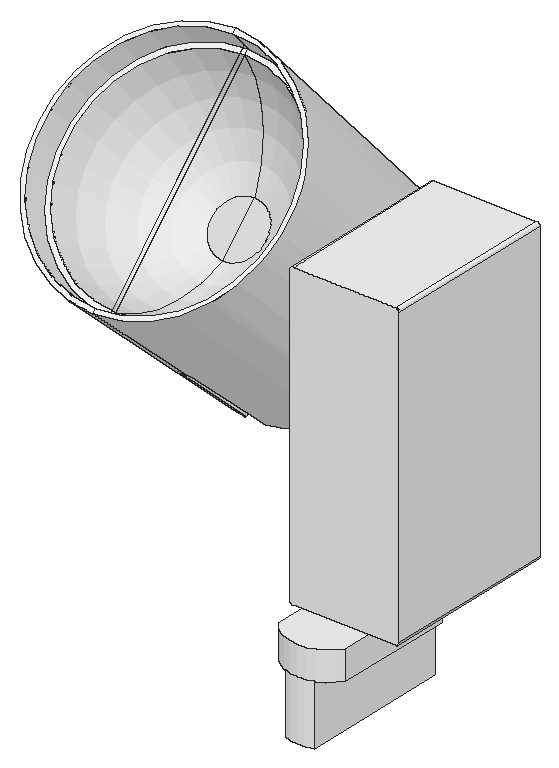
Revit family "0004880 Feilo Sylvania Lighting Fixture START TRACK SPOT L 55W 4K RA90 NB WHITE", category Lighting Fixtures, host Face, Revit 2017
Family settings
  Host = Face
  Round Connector Dimension = Use Diameter
  Part Type = Normal
  OmniClass Number = 23.80.70.00
  OmniClass Title = Lighting
  Cut with Voids When Loaded = No
  Light Source = No
  Shared = No
  Room Calculation Point = No
Parameters (values of type "0004880 START TRACK SPOT L 55W 4K RA90 NB WHITE")
  Weight = "1.398 kg"
  Wattage Comments = ""
  WarrantyStartDate [instance] = "n/a"
  WarrantyGuarantorParts = "n/a"
  WarrantyDurationUnit = "n/a"
  WarrantyDurationParts = "n/a"
  WarrantyDescription = "n/a"
  Voltage = 230 V
  URL = "http://www.sylvania-lighting.com"
  TypeName = "START TRACK SPOT L 55W 4K RA90 NB WHITE"
  TypeHead_FEILO = Start Track Spot Head : 0004880 START TRACK SPOT L 55W 4K RA90 NB WHITE
  TypeBox_FEILO = Start Track Spot Box : Type Large White
  Type Image = <None>
  Type Comments = "n/a"
  VerticalRotation_FEILO [instance] = 0.00°
  SlideEndAngle_FEILO [instance] = VerticalRotation_FEILO + 180.00°  # 180.00°
  SerialNumber [instance] = "n/a"
  Material_3_FEILO = none
  PowerFactor = 0.96
  PowerConsumption = "55 W"
  NominalLength = 0 mm
  NominalHeight = 240 mm
  NominalDepth = 164 mm
  Name = "START TRACK SPOT L 55W 4K RA90 NB WHITE"
  ModelReference = Name  # "START TRACK SPOT L 55W 4K RA90 NB WHITE"
  ModelNumber = "0004880"
  Model = Name  # "START TRACK SPOT L 55W 4K RA90 NB WHITE"
  Material = "adc12 aluminium housing, polycarbonate diffuser"
  ManufacturerName = "Feilo Sylvania"
  Manufacturer = "Feilo Sylvania"
  LuminousEfficacy = "90 lm/W"
  LuminaireType = ""
  LightOutputRatio = "100"
  LampsType = Lamp  # "LED"
  LampNominalLuminous = "4965 lm"
  LampMacAdamStep = "3"
  LampColourTemperature = "4000 K"
  LampColourRenderingIndex = "90"
  Lamp = "LED"
  Keynote = "16500"
  InstallationDate [instance] = "n/a"
  InputVoltage = "230-240V~"
  InputNominalFrequency = "50/60 Hz"
  IngressProtection = "IP20"
  ImpactProtectionIndex = "IK02"
  IfcExportType = "IfcLightFixtureType"
  IfcExportAs = "IfcLightFixtureType"
  HorizontalRotation_FEILO [instance] = 45.00°
  ExpectedLife = 50000
  ElectricShockClassification = "Class II"
  DurationUnit = "hours"
  DocumentationLiterature = "http://www.sylvania-lighting.com/product/en-int/products/0004880"
  DimmingControlOptions = "Non dimmable"
  Material_2_FEILO = none
  Description = "Integrated LED spotlight, Textured White - RAL9016, compact and minimalist design, ideal for retail applications, die-cast aluminium body, passive cooling heatsink. Beam angle: 15°, color temperature: 4000K , total system power: 55W, total fixture output: 4965 lm, LOR: 100%, colour rendering: Ra: 90 typical, LED Chromaticity: 3 step MacAdam ellipse, lifetime: >50000 hours at L70B50, energy class: A++, A+, A, IR/UV free light source without heat radiation, operating voltage: 220-240V / 50-60Hz, drive current: 1400mA, electronic driver, non-dimmable, power factor: 0.96, electrical protection: Class II, Global Track 3 Phase adapter suitable for Global trac 3-circuit tracks, ingress protection rating: IP20, suitable for internal environment only, horizontal rotation: 355°, vertical tilt: 90°, dimensions: Ø113x164x240, weight: 1.398kg."
  Default Elevation = 1219.2 mm
  CreatedOn = "12/12/2017"
  CreatedBy = ""
  Cost = 0
  built-in parameter 1114216 [instance] = (empty or 0)
  ClassificationValue = "EF_70_80"
  ClassificationName = "Uniclass2015"
  Material_1_FEILO = Body-Sylvania-StartTrackSpot-White
  BarCode [instance] = "n/a"
  AssetType = "Fixed"
  AssetIdentifier [instance] = "n/a"
  Assembly Code = "D5020200"
  Apparent Load = 55 VA
  Material_4_FEILO = none
Reference planes
  plane 1 "Center (Front/Back)": y = 0
  plane 2: z = 0
  plane 3 "Center (Left/Right)": x = 0
  plane 4: x = 15
  plane 5: x = -15
  plane 6: y = 35
  plane 7: y = -35
  plane 8: z = 13
  plane 9: z = -27
  plane 10: x = 6.5
  plane 11: x = -6.5
  plane 12: y = 27
  plane 13: y = -27
  plane 14: y = 20
Forms (mm)
  Extrusion 1, solid, material "Body-Sylvania-StartTrackSpot-White" <- "Material_1_FEILO"
    sketch origin (0, 0, 0) x (1, 0, 0) y (0, 1, 0)
      loop
        line (-15, 27) -> (-15, -27)
        arc (-15, -27) -> (0, -35) -> (15, -27) r 18.062
        line (15, -27) -> (15, 27)
        arc (15, 27) -> (0, 35) -> (-15, 27) r 18.062
    from 0 to 13
  Extrusion 2, solid, material "Body-Sylvania-StartTrackSpot-White" <- "Material_1_FEILO"
    sketch origin (0, 0, 0) x (1, 0, 0) y (0, 1, 0)
      loop
        arc (6.5, 33.79) -> (0, 35) -> (-6.5, 33.79) r 18.062
        line (-6.5, 33.79) -> (-6.5, -33.79)
        arc (-6.5, -33.79) -> (0, -35) -> (6.5, -33.79) r 18.062
        line (6.5, -33.79) -> (6.5, 33.79)
    from 0 to -27
  Revolve 3, solid, not visible
    sketch origin (1524, 20, 1219.2) x (1, 0, 0) y (0, 0, 1)
      loop
        line (-1524, -1206.2) -> (-1524, -1191.285) -> (-1530.5, -1191.285) -> (-1530.5, -1206.2) -> (-1524, -1206.2)
      axis (-1524, -1191.285) -> (-1524, -1206.2)
    angle from 0 <- "VerticalRotation_FEILO" to 180 <- "SlideEndAngle_FEILO"
Cuts and joins
  joined: Extrusion 1, Extrusion 2
Dimensions and locks
  equal spacing: plane 10, plane 3 "Center (Left/Right)", plane 11
  equal spacing: plane 4, plane 3 "Center (Left/Right)", plane 5
  locked: plane 8 to plane 2 at 13
  locked: plane 8 to plane 9 at 40
  equal spacing: plane 13, plane 1 "Center (Front/Back)", plane 12
  locked: plane 12 to plane 6 at 8
  locked: plane 14 to plane 6 at 15
  locked: Revolve 3 sketch curve to plane 8 at 14.915
  aligned and locked: plane 2 to host face
  aligned and locked: level to host face
  aligned and locked: plane 5 to Extrusion 1 sketch curve  (x2)
  aligned and locked: plane 12 to Extrusion 1 sketch curve
  aligned and locked: plane 13 to Extrusion 1 sketch curve
  aligned and locked: plane 4 to Extrusion 1 sketch curve
  aligned and locked: Extrusion 1 to plane 8
  aligned and locked: Extrusion 1 to level
  aligned and locked: Extrusion 2 sketch curve to Extrusion 1  (x2)
  aligned and locked: Extrusion 2 sketch curve to plane 11
  aligned and locked: plane 10 to Extrusion 2 sketch curve
  aligned and locked: plane 9 to Extrusion 2
  aligned and locked: level to Extrusion 2
  aligned and locked: Revolve 3 sketch curve to plane 3 "Center (Left/Right)"  (x2)
  aligned and locked: plane 11 to Revolve 3 sketch curve
  aligned and locked: Revolve 3 sketch curve to plane 8
Automatic sketch dimensions
  host sketch curve to host sketch curve = 2438.4 mm  (x2)
  Extrusion 1 sketch curve to plane 3 "Center (Left/Right)" = 0 mm  (x2)
  Extrusion 1 sketch curve to plane 13 = 10.062 mm
  plane 12 to Extrusion 1 sketch curve = 10.062 mm
  Revolve 3 sketch curve to plane 3 "Center (Left/Right)" = 0 mm
  plane 9 to Revolve 3 sketch curve = 582.6 mm
  Revolve 3 sketch curve to Revolve 3 sketch curve = 2581.144 mm
Nested families
  nested 1: "Start Track Spot Head" at (-75.5, 20, 133) x (0, 0.7071, 0.7071) z (0, 0.7071, -0.7071), type <- "TypeHead_FEILO", type "0004880 START TRACK SPOT L 55W 4K RA90 NB WHITE"
    with built-in parameter 1114216 (empty or 0)
  nested 2: "Start Track Spot Box" at (8.5, 20, 85) x (-1, 0, 0) z (0, -1, 0), BoxStartAngle_FEILO <- "HorizontalRotation_FEILO", type <- "TypeBox_FEILO", type "Type Large White"
    with BoxStartAngle_FEILO 45.00°, BoxEndAngle_FEILO -135.00°
Connectors
  electrical at (0, 0, 0), driven by "Apparent Load", driven by "PowerFactor", driven by "Voltage"
    settings: index 1, voltage 230 V, apparent load 55 VA, apparent load phase1 0 VA, apparent load phase2 0 VA, apparent load phase3 0 VA, power factor 0.96, load classification "Lighting", number of poles 1, system type 30, power factor state 1, is connector primary yes, connector utility no, sub classification motor no, connector description ""
Definition of nested family "Start Track Spot Head"
  Parameters (values of type "0004811 START TRACK SPOT S 14W 3K RA80 NB WHITE")
    Wattage Comments = "n/a"
    Wattage = 14 W
    built-in parameter 1150110 = 1 (stored number, unit not read)
    URL = "http://www.feilosylvania.com"
    Type Image = (empty or 0)
    Type Comments = "n/a"
    built-in parameter 1114217 = 1 (stored number, unit not read)
    Tilt Angle = -90.00°
    built-in parameter 1150109 = 1 (stored number, unit not read)
    built-in parameter 1150134 = (empty or 0)
    built-in parameter 1150113 = 1 (stored number, unit not read)
    Photometric Web File = "0004811.ies"
    Material_3_FEILO = none
    Model = "START TRACK SPOT S 14W 3K RA80 NB WHITE"
    Manufacturer = "Feilo Sylvania"
    built-in parameter 1150105 = 123.66 (stored number, unit not read)
    Lumens = 1554 lm
    built-in parameter 1150115 = 1 (stored number, unit not read)
    built-in parameter 1150137 = (empty or 0)
    built-in parameter 1150139 = (empty or 0)
    built-in parameter 1150112 = 1 (stored number, unit not read)
    built-in parameter 1150114 = 1 (stored number, unit not read)
    Lamp = "LED"
    Keynote = "16500"
    Material_2_FEILO = none
    built-in parameter 1150132 = (empty or 0)
    built-in parameter 1150102 = (empty or 0)
    built-in parameter 1150107 = 3000 (stored number, unit not read)
    built-in parameter 1150138 = (empty or 0)
    built-in parameter 1150106 = 1.2366 (stored number, unit not read)
    HeadThickness_FEILO = if(HeadDiaOut_FEILO > 112 mm, 2 mm, 1.5 mm)  # 1.5 mm
    HeadRibOffset_FEILO = HeadHeight_FEILO / 28  # 4.179 mm
    HeadRibDepth_FEILO = HeadHeight_FEILO / 2.1  # 55.714 mm
    HeadRibCutWidth_FEILO = HeadDiaOut_FEILO / 12  # 7.167 mm
    HeadRibCutOffset_FEILO = HeadHeight_FEILO / 2.3  # 50.87 mm
    HeadReflectorRadius_FEILO = HeadDiaOut_FEILO / 1.7  # 50.588 mm
    HeadReflectorOffset_FEILO = HeadHeight_FEILO / 2.1  # 55.714 mm
    HeadLEDRadius_FEILO = HeadDiaOut_FEILO / 9  # 9.556 mm
    HeadHeight_FEILO = 117 mm
    HeadDraft_FEILO = 1 mm
    HeadDiffusorThickness_FEILO = 3 mm
    HeadDiffusorOffset_FEILO = HeadHeight_FEILO / 12.4  # 9.435 mm
    HeadDiaOut_FEILO = 86 mm
    HeadDiaIn_FEILO = HeadDiaOut_FEILO / 1.11  # 77.477 mm
    HeadAxisFromTop_FEILO = HeadHeight_FEILO / 1.687  # 69.354 mm
    Emit from Circle Diameter = HeadDiaIn_FEILO  # 77.477 mm
    Emit Shape Visible in Rendering = no
    built-in parameter 1150104 = 10.312 (stored number, unit not read)
    Dimming Lamp Color Temperature Shift = (empty or 0)
    Description = "Integrated LED spotlight, Textured White - RAL9016, compact and minimalist design, ideal for retail applications, die-cast aluminium body, passive cooling heatsink. Beam angle: 12°, color temperature: 3000K , total system power: 14W, total fixture output: 1551 lm, LOR: 100%, colour rendering: Ra: 80 typical, LED Chromaticity: 3 step MacAdam ellipse, lifetime: >50000 hours at L70B50, energy class: A++, A+, A, IR/UV free light source without heat radiation, operating voltage: 220-240V / 50-60Hz, drive current: 350mA, electronic driver, non-dimmable, power factor: 0.92, electrical protection: Class II, Global Track 3 Phase adapter suitable for Global trac 3-circuit tracks, ingress protection rating: IP20, suitable for internal environment only, horizontal rotation: 355°, vertical tilt: 90°, dimensions: Ø86x140x200, weight: 0.940kg."
    Default Elevation = 1219.2 mm
    Cost = 0
    Color Filter = 16777215
    built-in parameter 1114216 [instance] = (empty or 0)
    Material_1_FEILO = none
    built-in parameter 1114218 = 1 (stored number, unit not read)
    built-in parameter 1150133 = 10 (stored number, unit not read)
    Assembly Code = "D5020200"
    Apparent Load = 14 VA
    Material_4_FEILO = none
  Types (96, lengths in mm): name | Wattage | built-in parameter 1150134 | Photometric Web File | Model | built-in parameter 1150105 | Lumens | built-in parameter 1150107 | built-in parameter 1150106 | HeadThickness_FEILO | HeadRibOffset_FEILO | HeadRibDepth_FEILO | HeadRibCutWidth_FEILO | HeadRibCutOffset_FEILO | HeadReflectorRadius_FEILO | HeadReflectorOffset_FEILO | HeadLEDRadius_FEILO | HeadHeight_FEILO | HeadDiffusorOffset_FEILO | HeadDiaOut_FEILO | HeadDiaIn_FEILO | HeadAxisFromTop_FEILO | Emit from Circle Diameter | built-in parameter 1150104 | Description | Apparent Load
    0004906 START TRACK SPOT L 55W 4K RA90 WB BLACK | 55 W | 12 | "0004906.ies" | "START TRACK SPOT L 55W 4K RA90 WB BLACK" | 385.15 (stored number, unit not read) | 4840 lm | 4000 (stored number, unit not read) | 3.8515 (stored number, unit not read) | 2 | 4.429 | 59.048 | 9.417 | 53.913 | 66.471 | 59.048 | 12.556 | 124 | 10 | 113 | 101.802 | 73.503 | 101.802 | 8.1755 (stored number, unit not read) | "Integrated LED spotlight, Textured Black - RAL9005, compact and minimalist design, ideal for retail applications, die-cast aluminium body, passive cooling heatsink. Beam angle: 52°, color temperature: 4000K , total system power: 55W, total fixture output: 4824 lm, LOR: 100%, colour rendering: Ra: 90 typical, LED Chromaticity: 3 step MacAdam ellipse, lifetime: >50000 hours at L70B50, energy class: A++, A+, A, IR/UV free light source without heat radiation, operating voltage: 220-240V / 50-60Hz, drive current: 1400mA, electronic driver, non-dimmable, power factor: 0.96, electrical protection: Class II, Global Track 3 Phase adapter suitable for Global trac 3-circuit tracks, ingress protection rating: IP20, suitable for internal environment only, horizontal rotation: 355°, vertical tilt: 90°, dimensions: Ø113x164x240, weight: 1.398kg." | 55 VA
    0004905 START TRACK SPOT L 55W 4K RA90 MB BLACK | 55 W | 12 | "0004905.ies" | "START TRACK SPOT L 55W 4K RA90 MB BLACK" | 389.53 (stored number, unit not read) | 4895 lm | 4000 (stored number, unit not read) | 3.8953 (stored number, unit not read) | 2 | 4.429 | 59.048 | 9.417 | 53.913 | 66.471 | 59.048 | 12.556 | 124 | 10 | 113 | 101.802 | 73.503 | 101.802 | 8.2684 (stored number, unit not read) | "Integrated LED spotlight, Textured Black - RAL9005, compact and minimalist design, ideal for retail applications, die-cast aluminium body, passive cooling heatsink. Beam angle: 38°, color temperature: 4000K , total system power: 55W, total fixture output: 4897 lm, LOR: 100%, colour rendering: Ra: 90 typical, LED Chromaticity: 3 step MacAdam ellipse, lifetime: >50000 hours at L70B50, energy class: A++, A+, A, IR/UV free light source without heat radiation, operating voltage: 220-240V / 50-60Hz, drive current: 1400mA, electronic driver, non-dimmable, power factor: 0.96, electrical protection: Class II, Global Track 3 Phase adapter suitable for Global trac 3-circuit tracks, ingress protection rating: IP20, suitable for internal environment only, horizontal rotation: 355°, vertical tilt: 90°, dimensions: Ø113x164x240, weight: 1.398kg." | 55 VA
    0004904 START TRACK SPOT L 55W 4K RA90 NB BLACK | 55 W | 12 | "0004904.ies" | "START TRACK SPOT L 55W 4K RA90 NB BLACK" | 393.91 (stored number, unit not read) | 4950 lm | 4000 (stored number, unit not read) | 3.9391 (stored number, unit not read) | 2 | 4.429 | 59.048 | 9.417 | 53.913 | 66.471 | 59.048 | 12.556 | 124 | 10 | 113 | 101.802 | 73.503 | 101.802 | 8.3613 (stored number, unit not read) | "Integrated LED spotlight, Textured Black - RAL9005, compact and minimalist design, ideal for retail applications, die-cast aluminium body, passive cooling heatsink. Beam angle: 15°, color temperature: 4000K , total system power: 55W, total fixture output: 4965 lm, LOR: 100%, colour rendering: Ra: 90 typical, LED Chromaticity: 3 step MacAdam ellipse, lifetime: >50000 hours at L70B50, energy class: A++, A+, A, IR/UV free light source without heat radiation, operating voltage: 220-240V / 50-60Hz, drive current: 1400mA, electronic driver, non-dimmable, power factor: 0.96, electrical protection: Class II, Global Track 3 Phase adapter suitable for Global trac 3-circuit tracks, ingress protection rating: IP20, suitable for internal environment only, horizontal rotation: 355°, vertical tilt: 90°, dimensions: Ø113x164x240, weight: 1.398kg." | 55 VA
    0004903 START TRACK SPOT L 35W 4K RA90 WB BLACK | 35 W | 12 | "0004903.ies" | "START TRACK SPOT L 35W 4K RA90 WB BLACK" | 284.09 (stored number, unit not read) | 3570 lm | 4000 (stored number, unit not read) | 2.8409 (stored number, unit not read) | 2 | 4.429 | 59.048 | 9.417 | 53.913 | 66.471 | 59.048 | 12.556 | 124 | 10 | 113 | 101.802 | 73.503 | 101.802 | 9.4761 (stored number, unit not read) | "Integrated LED spotlight, Textured Black - RAL9005, compact and minimalist design, ideal for retail applications, die-cast aluminium body, passive cooling heatsink. Beam angle: 52°, color temperature: 4000K , total system power: 35W, total fixture output: 3562 lm, LOR: 100%, colour rendering: Ra: 90 typical, LED Chromaticity: 3 step MacAdam ellipse, lifetime: >50000 hours at L70B50, energy class: A++, A+, A, IR/UV free light source without heat radiation, operating voltage: 220-240V / 50-60Hz, drive current: 900mA, electronic driver, non-dimmable, power factor: 0.93, electrical protection: Class II, Global Track 3 Phase adapter suitable for Global trac 3-circuit tracks, ingress protection rating: IP20, suitable for internal environment only, horizontal rotation: 355°, vertical tilt: 90°, dimensions: Ø113x164x240, weight: 1.368kg." | 35 VA
    0004902 START TRACK SPOT L 35W 4K RA90 MB BLACK | 35 W | 12 | "0004902.ies" | "START TRACK SPOT L 35W 4K RA90 MB BLACK" | 286.88 (stored number, unit not read) | 3605 lm | 4000 (stored number, unit not read) | 2.8688 (stored number, unit not read) | 2 | 4.429 | 59.048 | 9.417 | 53.913 | 66.471 | 59.048 | 12.556 | 124 | 10 | 113 | 101.802 | 73.503 | 101.802 | 9.569 (stored number, unit not read) | "Integrated LED spotlight, Textured Black - RAL9005, compact and minimalist design, ideal for retail applications, die-cast aluminium body, passive cooling heatsink. Beam angle: 38°, color temperature: 4000K , total system power: 35W, total fixture output: 3616 lm, LOR: 100%, colour rendering: Ra: 90 typical, LED Chromaticity: 3 step MacAdam ellipse, lifetime: >50000 hours at L70B50, energy class: A++, A+, A, IR/UV free light source without heat radiation, operating voltage: 220-240V / 50-60Hz, drive current: 900mA, electronic driver, non-dimmable, power factor: 0.93, electrical protection: Class II, Global Track 3 Phase adapter suitable for Global trac 3-circuit tracks, ingress protection rating: IP20, suitable for internal environment only, horizontal rotation: 355°, vertical tilt: 90°, dimensions: Ø113x164x240, weight: 1.368kg." | 35 VA
    0004901 START TRACK SPOT L 35W 4K RA90 NB BLACK | 35 W | 12 | "0004901.ies" | "START TRACK SPOT L 35W 4K RA90 NB BLACK" | 286.88 (stored number, unit not read) | 3605 lm | 4000 (stored number, unit not read) | 2.8688 (stored number, unit not read) | 2 | 4.429 | 59.048 | 9.417 | 53.913 | 66.471 | 59.048 | 12.556 | 124 | 10 | 113 | 101.802 | 73.503 | 101.802 | 9.569 (stored number, unit not read) | "Integrated LED spotlight, Textured Black - RAL9005, compact and minimalist design, ideal for retail applications, die-cast aluminium body, passive cooling heatsink. Beam angle: 15°, color temperature: 4000K , total system power: 35W, total fixture output: 3593 lm, LOR: 100%, colour rendering: Ra: 90 typical, LED Chromaticity: 3 step MacAdam ellipse, lifetime: >50000 hours at L70B50, energy class: A++, A+, A, IR/UV free light source without heat radiation, operating voltage: 220-240V / 50-60Hz, drive current: 900mA, electronic driver, non-dimmable, power factor: 0.93, electrical protection: Class II, Global Track 3 Phase adapter suitable for Global trac 3-circuit tracks, ingress protection rating: IP20, suitable for internal environment only, horizontal rotation: 355°, vertical tilt: 90°, dimensions: Ø113x164x240, weight: 1.368kg." | 35 VA
    0004900 START TRACK SPOT S 24W 4K RA90 WB BLACK | 24 W | 12 | "0004900.ies" | "START TRACK SPOT S 24W 4K RA90 WB BLACK" | 166.16 (stored number, unit not read) | 2088 lm | 4000 (stored number, unit not read) | 1.6616 (stored number, unit not read) | 1.5 | 4.179 | 55.714 | 7.167 | 50.87 | 50.588 | 55.714 | 9.556 | 117 | 9.435 | 86 | 77.477 | 69.354 | 77.477 | 8.0826 (stored number, unit not read) | "Integrated LED spotlight, Textured Black - RAL9005, compact and minimalist design, ideal for retail applications, die-cast aluminium body, passive cooling heatsink. Beam angle: 64°, color temperature: 4000K , total system power: 24W, total fixture output: 2087 lm, LOR: 100%, colour rendering: Ra: 90 typical, LED Chromaticity: 3 step MacAdam ellipse, lifetime: >50000 hours at L70B50, energy class: A++, A+, A, IR/UV free light source without heat radiation, operating voltage: 220-240V / 50-60Hz, drive current: 600mA, electronic driver, non-dimmable, power factor: 0.95, electrical protection: Class II, Global Track 3 Phase adapter suitable for Global trac 3-circuit tracks, ingress protection rating: IP20, suitable for internal environment only, horizontal rotation: 355°, vertical tilt: 90°, dimensions: Ø86x140x200, weight: 0.966kg." | 24 VA
    0004899 START TRACK SPOT S 24W 4K RA90 MB BLACK | 24 W | 12 | "0004899.ies" | "START TRACK SPOT S 24W 4K RA90 MB BLACK" | 169.98 (stored number, unit not read) | 2136 lm | 4000 (stored number, unit not read) | 1.6998 (stored number, unit not read) | 1.5 | 4.179 | 55.714 | 7.167 | 50.87 | 50.588 | 55.714 | 9.556 | 117 | 9.435 | 86 | 77.477 | 69.354 | 77.477 | 8.2684 (stored number, unit not read) | "Integrated LED spotlight, Textured Black - RAL9005, compact and minimalist design, ideal for retail applications, die-cast aluminium body, passive cooling heatsink. Beam angle: 36°, color temperature: 4000K , total system power: 24W, total fixture output: 2141 lm, LOR: 100%, colour rendering: Ra: 90 typical, LED Chromaticity: 3 step MacAdam ellipse, lifetime: >50000 hours at L70B50, energy class: A++, A+, A, IR/UV free light source without heat radiation, operating voltage: 220-240V / 50-60Hz, drive current: 600mA, electronic driver, non-dimmable, power factor: 0.95, electrical protection: Class II, Global Track 3 Phase adapter suitable for Global trac 3-circuit tracks, ingress protection rating: IP20, suitable for internal environment only, horizontal rotation: 355°, vertical tilt: 90°, dimensions: Ø86x140x200, weight: 0.966kg." | 24 VA
    0004898 START TRACK SPOT S 24W 4K RA90 NB BLACK | 24 W | 12 | "0004898.ies" | "START TRACK SPOT S 24W 4K RA90 NB BLACK" | 171.89 (stored number, unit not read) | 2160 lm | 4000 (stored number, unit not read) | 1.7189 (stored number, unit not read) | 1.5 | 4.179 | 55.714 | 7.167 | 50.87 | 50.588 | 55.714 | 9.556 | 117 | 9.435 | 86 | 77.477 | 69.354 | 77.477 | 8.3613 (stored number, unit not read) | "Integrated LED spotlight, Textured Black - RAL9005, compact and minimalist design, ideal for retail applications, die-cast aluminium body, passive cooling heatsink. Beam angle: 12°, color temperature: 4000K , total system power: 24W, total fixture output: 2155 lm, LOR: 100%, colour rendering: Ra: 90 typical, LED Chromaticity: 3 step MacAdam ellipse, lifetime: >50000 hours at L70B50, energy class: A++, A+, A, IR/UV free light source without heat radiation, operating voltage: 220-240V / 50-60Hz, drive current: 600mA, electronic driver, non-dimmable, power factor: 0.95, electrical protection: Class II, Global Track 3 Phase adapter suitable for Global trac 3-circuit tracks, ingress protection rating: IP20, suitable for internal environment only, horizontal rotation: 355°, vertical tilt: 90°, dimensions: Ø86x140x200, weight: 0.966kg." | 24 VA
    0004897 START TRACK SPOT S 14W 4K RA90 WB BLACK | 14 W | 12 | "0004897.ies" | "START TRACK SPOT S 14W 4K RA90 WB BLACK" | 108.07 (stored number, unit not read) | 1358 lm | 4000 (stored number, unit not read) | 1.0807 (stored number, unit not read) | 1.5 | 4.179 | 55.714 | 7.167 | 50.87 | 50.588 | 55.714 | 9.556 | 117 | 9.435 | 86 | 77.477 | 69.354 | 77.477 | 9.0116 (stored number, unit not read) | "Integrated LED spotlight, Textured Black - RAL9005, compact and minimalist design, ideal for retail applications, die-cast aluminium body, passive cooling heatsink. Beam angle: 64°, color temperature: 4000K , total system power: 14W, total fixture output: 1352 lm, LOR: 100%, colour rendering: Ra: 90 typical, LED Chromaticity: 3 step MacAdam ellipse, lifetime: >50000 hours at L70B50, energy class: A++, A+, A, IR/UV free light source without heat radiation, operating voltage: 220-240V / 50-60Hz, drive current: 350mA, electronic driver, non-dimmable, power factor: 0.92, electrical protection: Class II, Global Track 3 Phase adapter suitable for Global trac 3-circuit tracks, ingress protection rating: IP20, suitable for internal environment only, horizontal rotation: 355°, vertical tilt: 90°, dimensions: Ø86x140x200, weight: 0.940kg." | 14 VA
    0004896 START TRACK SPOT S 14W 4K RA90 MB BLACK | 14 W | 12 | "0004896.ies" | "START TRACK SPOT S 14W 4K RA90 MB BLACK" | 108.07 (stored number, unit not read) | 1358 lm | 4000 (stored number, unit not read) | 1.0807 (stored number, unit not read) | 1.5 | 4.179 | 55.714 | 7.167 | 50.87 | 50.588 | 55.714 | 9.556 | 117 | 9.435 | 86 | 77.477 | 69.354 | 77.477 | 9.0116 (stored number, unit not read) | "Integrated LED spotlight, Textured Black - RAL9005, compact and minimalist design, ideal for retail applications, die-cast aluminium body, passive cooling heatsink. Beam angle: 36°, color temperature: 4000K , total system power: 14W, total fixture output: 1359 lm, LOR: 100%, colour rendering: Ra: 90 typical, LED Chromaticity: 3 step MacAdam ellipse, lifetime: >50000 hours at L70B50, energy class: A++, A+, A, IR/UV free light source without heat radiation, operating voltage: 220-240V / 50-60Hz, drive current: 350mA, electronic driver, non-dimmable, power factor: 0.92, electrical protection: Class II, Global Track 3 Phase adapter suitable for Global trac 3-circuit tracks, ingress protection rating: IP20, suitable for internal environment only, horizontal rotation: 355°, vertical tilt: 90°, dimensions: Ø86x140x200, weight: 0.940kg." | 14 VA
    0004895 START TRACK SPOT S 14W 4K RA90 NB BLACK | 14 W | 12 | "0004895.ies" | "START TRACK SPOT S 14W 4K RA90 NB BLACK" | 106.95 (stored number, unit not read) | 1344 lm | 4000 (stored number, unit not read) | 1.0695 (stored number, unit not read) | 1.5 | 4.179 | 55.714 | 7.167 | 50.87 | 50.588 | 55.714 | 9.556 | 117 | 9.435 | 86 | 77.477 | 69.354 | 77.477 | 8.9187 (stored number, unit not read) | "Integrated LED spotlight, Textured Black - RAL9005, compact and minimalist design, ideal for retail applications, die-cast aluminium body, passive cooling heatsink. Beam angle: 12°, color temperature: 4000K , total system power: 14W, total fixture output: 1349 lm, LOR: 100%, colour rendering: Ra: 90 typical, LED Chromaticity: 3 step MacAdam ellipse, lifetime: >50000 hours at L70B50, energy class: A++, A+, A, IR/UV free light source without heat radiation, operating voltage: 220-240V / 50-60Hz, drive current: 350mA, electronic driver, non-dimmable, power factor: 0.92, electrical protection: Class II, Global Track 3 Phase adapter suitable for Global trac 3-circuit tracks, ingress protection rating: IP20, suitable for internal environment only, horizontal rotation: 355°, vertical tilt: 90°, dimensions: Ø86x140x200, weight: 0.940kg." | 14 VA
    0004894 START TRACK SPOT L 55W 3K RA90 WB BLACK | 55 W | (empty or 0) | "0004894.ies" | "START TRACK SPOT L 55W 3K RA90 WB BLACK" | 350.14 (stored number, unit not read) | 4400 lm | 3000 (stored number, unit not read) | 3.5014 (stored number, unit not read) | 2 | 4.429 | 59.048 | 9.417 | 53.913 | 66.471 | 59.048 | 12.556 | 124 | 10 | 113 | 101.802 | 73.503 | 101.802 | 7.4322 (stored number, unit not read) | "Integrated LED spotlight, Textured Black - RAL9005, compact and minimalist design, ideal for retail applications, die-cast aluminium body, passive cooling heatsink. Beam angle: 52°, color temperature: 3000K , total system power: 55W, total fixture output: 4405 lm, LOR: 100%, colour rendering: Ra: 90 typical, LED Chromaticity: 3 step MacAdam ellipse, lifetime: >50000 hours at L70B50, energy class: A++, A+, A, IR/UV free light source without heat radiation, operating voltage: 220-240V / 50-60Hz, drive current: 1400mA, electronic driver, non-dimmable, power factor: 0.96, electrical protection: Class II, Global Track 3 Phase adapter suitable for Global trac 3-circuit tracks, ingress protection rating: IP20, suitable for internal environment only, horizontal rotation: 355°, vertical tilt: 90°, dimensions: Ø113x164x240, weight: 1.398kg." | 55 VA
    0004893 START TRACK SPOT L 55W 3K RA90 MB BLACK | 55 W | (empty or 0) | "0004893.ies" | "START TRACK SPOT L 55W 3K RA90 MB BLACK" | 354.52 (stored number, unit not read) | 4455 lm | 3000 (stored number, unit not read) | 3.5452 (stored number, unit not read) | 2 | 4.429 | 59.048 | 9.417 | 53.913 | 66.471 | 59.048 | 12.556 | 124 | 10 | 113 | 101.802 | 73.503 | 101.802 | 7.5251 (stored number, unit not read) | "Integrated LED spotlight, Textured Black - RAL9005, compact and minimalist design, ideal for retail applications, die-cast aluminium body, passive cooling heatsink. Beam angle: 38°, color temperature: 3000K , total system power: 55W, total fixture output: 4448 lm, LOR: 100%, colour rendering: Ra: 90 typical, LED Chromaticity: 3 step MacAdam ellipse, lifetime: >50000 hours at L70B50, energy class: A++, A+, A, IR/UV free light source without heat radiation, operating voltage: 220-240V / 50-60Hz, drive current: 1400mA, electronic driver, non-dimmable, power factor: 0.96, electrical protection: Class II, Global Track 3 Phase adapter suitable for Global trac 3-circuit tracks, ingress protection rating: IP20, suitable for internal environment only, horizontal rotation: 355°, vertical tilt: 90°, dimensions: Ø113x164x240, weight: 1.398kg." | 55 VA
    0004892 START TRACK SPOT L 55W 3K RA90 NB BLACK | 55 W | (empty or 0) | "0004892.ies" | "START TRACK SPOT L 55W 3K RA90 NB BLACK" | 350.14 (stored number, unit not read) | 4400 lm | 3000 (stored number, unit not read) | 3.5014 (stored number, unit not read) | 2 | 4.429 | 59.048 | 9.417 | 53.913 | 66.471 | 59.048 | 12.556 | 124 | 10 | 113 | 101.802 | 73.503 | 101.802 | 7.4322 (stored number, unit not read) | "Integrated LED spotlight, Textured Black - RAL9005, compact and minimalist design, ideal for retail applications, die-cast aluminium body, passive cooling heatsink. Beam angle: 15°, color temperature: 3000K , total system power: 55W, total fixture output: 4416 lm, LOR: 100%, colour rendering: Ra: 90 typical, LED Chromaticity: 3 step MacAdam ellipse, lifetime: >50000 hours at L70B50, energy class: A++, A+, A, IR/UV free light source without heat radiation, operating voltage: 220-240V / 50-60Hz, drive current: 1400mA, electronic driver, non-dimmable, power factor: 0.96, electrical protection: Class II, Global Track 3 Phase adapter suitable for Global trac 3-circuit tracks, ingress protection rating: IP20, suitable for internal environment only, horizontal rotation: 355°, vertical tilt: 90°, dimensions: Ø113x164x240, weight: 1.398kg." | 55 VA
    0004891 START TRACK SPOT L 35W 3K RA90 WB BLACK | 35 W | (empty or 0) | "0004891.ies" | "START TRACK SPOT L 35W 3K RA90 WB BLACK" | 259.02 (stored number, unit not read) | 3255 lm | 3000 (stored number, unit not read) | 2.5902 (stored number, unit not read) | 2 | 4.429 | 59.048 | 9.417 | 53.913 | 66.471 | 59.048 | 12.556 | 124 | 10 | 113 | 101.802 | 73.503 | 101.802 | 8.64 (stored number, unit not read) | "Integrated LED spotlight, Textured Black - RAL9005, compact and minimalist design, ideal for retail applications, die-cast aluminium body, passive cooling heatsink. Beam angle: 52°, color temperature: 3000K , total system power: 35W, total fixture output: 3260 lm, LOR: 100%, colour rendering: Ra: 90 typical, LED Chromaticity: 3 step MacAdam ellipse, lifetime: >50000 hours at L70B50, energy class: A++, A+, A, IR/UV free light source without heat radiation, operating voltage: 220-240V / 50-60Hz, drive current: 900mA, electronic driver, non-dimmable, power factor: 0.93, electrical protection: Class II, Global Track 3 Phase adapter suitable for Global trac 3-circuit tracks, ingress protection rating: IP20, suitable for internal environment only, horizontal rotation: 355°, vertical tilt: 90°, dimensions: Ø113x164x240, weight: 1.368kg." | 35 VA
    0004890 START TRACK SPOT L 35W 3K RA90 MB BLACK | 35 W | (empty or 0) | "0004890.ies" | "START TRACK SPOT L 35W 3K RA90 MB BLACK" | 261.81 (stored number, unit not read) | 3290 lm | 3000 (stored number, unit not read) | 2.6181 (stored number, unit not read) | 2 | 4.429 | 59.048 | 9.417 | 53.913 | 66.471 | 59.048 | 12.556 | 124 | 10 | 113 | 101.802 | 73.503 | 101.802 | 8.7329 (stored number, unit not read) | "Integrated LED spotlight, Textured Black - RAL9005, compact and minimalist design, ideal for retail applications, die-cast aluminium body, passive cooling heatsink. Beam angle: 38°, color temperature: 3000K , total system power: 35W, total fixture output: 3306 lm, LOR: 100%, colour rendering: Ra: 90 typical, LED Chromaticity: 3 step MacAdam ellipse, lifetime: >50000 hours at L70B50, energy class: A++, A+, A, IR/UV free light source without heat radiation, operating voltage: 220-240V / 50-60Hz, drive current: 900mA, electronic driver, non-dimmable, power factor: 0.93, electrical protection: Class II, Global Track 3 Phase adapter suitable for Global trac 3-circuit tracks, ingress protection rating: IP20, suitable for internal environment only, horizontal rotation: 355°, vertical tilt: 90°, dimensions: Ø113x164x240, weight: 1.368kg." | 35 VA
    0004889 START TRACK SPOT L 35W 3K RA90 NB BLACK | 35 W | (empty or 0) | "0004889.ies" | "START TRACK SPOT L 35W 3K RA90 NB BLACK" | 261.81 (stored number, unit not read) | 3290 lm | 3000 (stored number, unit not read) | 2.6181 (stored number, unit not read) | 2 | 4.429 | 59.048 | 9.417 | 53.913 | 66.471 | 59.048 | 12.556 | 124 | 10 | 113 | 101.802 | 73.503 | 101.802 | 8.7329 (stored number, unit not read) | "Integrated LED spotlight, Textured Black - RAL9005, compact and minimalist design, ideal for retail applications, die-cast aluminium body, passive cooling heatsink. Beam angle: 15°, color temperature: 3000K , total system power: 35W, total fixture output: 3287 lm, LOR: 100%, colour rendering: Ra: 90 typical, LED Chromaticity: 3 step MacAdam ellipse, lifetime: >50000 hours at L70B50, energy class: A++, A+, A, IR/UV free light source without heat radiation, operating voltage: 220-240V / 50-60Hz, drive current: 900mA, electronic driver, non-dimmable, power factor: 0.93, electrical protection: Class II, Global Track 3 Phase adapter suitable for Global trac 3-circuit tracks, ingress protection rating: IP20, suitable for internal environment only, horizontal rotation: 355°, vertical tilt: 90°, dimensions: Ø113x164x240, weight: 1.368kg." | 35 VA
    0004888 START TRACK SPOT S 24W 3K RA90 WB BLACK | 24 W | (empty or 0) | "0004888.ies" | "START TRACK SPOT S 24W 3K RA90 WB BLACK" | 152.79 (stored number, unit not read) | 1920 lm | 3000 (stored number, unit not read) | 1.5279 (stored number, unit not read) | 1.5 | 4.179 | 55.714 | 7.167 | 50.87 | 50.588 | 55.714 | 9.556 | 117 | 9.435 | 86 | 77.477 | 69.354 | 77.477 | 7.4322 (stored number, unit not read) | "Integrated LED spotlight, Textured Black - RAL9005, compact and minimalist design, ideal for retail applications, die-cast aluminium body, passive cooling heatsink. Beam angle: 64°, color temperature: 3000K , total system power: 24W, total fixture output: 1928 lm, LOR: 100%, colour rendering: Ra: 90 typical, LED Chromaticity: 3 step MacAdam ellipse, lifetime: >50000 hours at L70B50, energy class: A++, A+, A, IR/UV free light source without heat radiation, operating voltage: 220-240V / 50-60Hz, drive current: 600mA, electronic driver, non-dimmable, power factor: 0.95, electrical protection: Class II, Global Track 3 Phase adapter suitable for Global trac 3-circuit tracks, ingress protection rating: IP20, suitable for internal environment only, horizontal rotation: 355°, vertical tilt: 90°, dimensions: Ø86x140x200, weight: 0.966kg." | 24 VA
    0004887 START TRACK SPOT S 24W 3K RA90 MB BLACK | 24 W | (empty or 0) | "0004887.ies" | "START TRACK SPOT S 24W 3K RA90 MB BLACK" | 154.7 (stored number, unit not read) | 1944 lm | 3000 (stored number, unit not read) | 1.547 (stored number, unit not read) | 1.5 | 4.179 | 55.714 | 7.167 | 50.87 | 50.588 | 55.714 | 9.556 | 117 | 9.435 | 86 | 77.477 | 69.354 | 77.477 | 7.5251 (stored number, unit not read) | "Integrated LED spotlight, Textured Black - RAL9005, compact and minimalist design, ideal for retail applications, die-cast aluminium body, passive cooling heatsink. Beam angle: 36°, color temperature: 3000K , total system power: 24W, total fixture output: 1944 lm, LOR: 100%, colour rendering: Ra: 90 typical, LED Chromaticity: 3 step MacAdam ellipse, lifetime: >50000 hours at L70B50, energy class: A++, A+, A, IR/UV free light source without heat radiation, operating voltage: 220-240V / 50-60Hz, drive current: 600mA, electronic driver, non-dimmable, power factor: 0.95, electrical protection: Class II, Global Track 3 Phase adapter suitable for Global trac 3-circuit tracks, ingress protection rating: IP20, suitable for internal environment only, horizontal rotation: 355°, vertical tilt: 90°, dimensions: Ø86x140x200, weight: 0.966kg." | 24 VA
    0004886 START TRACK SPOT S 24W 3K RA90 NB BLACK | 24 W | (empty or 0) | "0004886.ies" | "START TRACK SPOT S 24W 3K RA90 NB BLACK" | 158.52 (stored number, unit not read) | 1992 lm | 3000 (stored number, unit not read) | 1.5852 (stored number, unit not read) | 1.5 | 4.179 | 55.714 | 7.167 | 50.87 | 50.588 | 55.714 | 9.556 | 117 | 9.435 | 86 | 77.477 | 69.354 | 77.477 | 7.711 (stored number, unit not read) | "Integrated LED spotlight, Textured Black - RAL9005, compact and minimalist design, ideal for retail applications, die-cast aluminium body, passive cooling heatsink. Beam angle: 12°, color temperature: 3000K , total system power: 24W, total fixture output: 1987 lm, LOR: 100%, colour rendering: Ra: 90 typical, LED Chromaticity: 3 step MacAdam ellipse, lifetime: >50000 hours at L70B50, energy class: A++, A+, A, IR/UV free light source without heat radiation, operating voltage: 220-240V / 50-60Hz, drive current: 600mA, electronic driver, non-dimmable, power factor: 0.95, electrical protection: Class II, Global Track 3 Phase adapter suitable for Global trac 3-circuit tracks, ingress protection rating: IP20, suitable for internal environment only, horizontal rotation: 355°, vertical tilt: 90°, dimensions: Ø86x140x200, weight: 0.966kg." | 24 VA
    0004885 START TRACK SPOT S 14W 3K RA90 WB BLACK | 14 W | (empty or 0) | "0004885.ies" | "START TRACK SPOT S 14W 3K RA90 WB BLACK" | 100.27 (stored number, unit not read) | 1260 lm | 3000 (stored number, unit not read) | 1.0027 (stored number, unit not read) | 1.5 | 4.179 | 55.714 | 7.167 | 50.87 | 50.588 | 55.714 | 9.556 | 117 | 9.435 | 86 | 77.477 | 69.354 | 77.477 | 8.3613 (stored number, unit not read) | "Integrated LED spotlight, Textured Black - RAL9005, compact and minimalist design, ideal for retail applications, die-cast aluminium body, passive cooling heatsink. Beam angle: 64°, color temperature: 3000K , total system power: 14W, total fixture output: 1262 lm, LOR: 100%, colour rendering: Ra: 90 typical, LED Chromaticity: 3 step MacAdam ellipse, lifetime: >50000 hours at L70B50, energy class: A++, A+, A, IR/UV free light source without heat radiation, operating voltage: 220-240V / 50-60Hz, drive current: 350mA, electronic driver, non-dimmable, power factor: 0.92, electrical protection: Class II, Global Track 3 Phase adapter suitable for Global trac 3-circuit tracks, ingress protection rating: IP20, suitable for internal environment only, horizontal rotation: 355°, vertical tilt: 90°, dimensions: Ø86x140x200, weight: 0.940kg." | 14 VA
    0004884 START TRACK SPOT S 14W 3K RA90 MB BLACK | 14 W | (empty or 0) | "0004884.ies" | "START TRACK SPOT S 14W 3K RA90 MB BLACK" | 100.27 (stored number, unit not read) | 1260 lm | 3000 (stored number, unit not read) | 1.0027 (stored number, unit not read) | 1.5 | 4.179 | 55.714 | 7.167 | 50.87 | 50.588 | 55.714 | 9.556 | 117 | 9.435 | 86 | 77.477 | 69.354 | 77.477 | 8.3613 (stored number, unit not read) | "Integrated LED spotlight, Textured Black - RAL9005, compact and minimalist design, ideal for retail applications, die-cast aluminium body, passive cooling heatsink. Beam angle: 36°, color temperature: 3000K , total system power: 14W, total fixture output: 1262 lm, LOR: 100%, colour rendering: Ra: 90 typical, LED Chromaticity: 3 step MacAdam ellipse, lifetime: >50000 hours at L70B50, energy class: A++, A+, A, IR/UV free light source without heat radiation, operating voltage: 220-240V / 50-60Hz, drive current: 350mA, electronic driver, non-dimmable, power factor: 0.92, electrical protection: Class II, Global Track 3 Phase adapter suitable for Global trac 3-circuit tracks, ingress protection rating: IP20, suitable for internal environment only, horizontal rotation: 355°, vertical tilt: 90°, dimensions: Ø86x140x200, weight: 0.940kg." | 14 VA
    0004883 START TRACK SPOT S 14W 3K RA90 NB BLACK | 14 W | (empty or 0) | "0004883.ies" | "START TRACK SPOT S 14W 3K RA90 NB BLACK" | 102.5 (stored number, unit not read) | 1288 lm | 3000 (stored number, unit not read) | 1.025 (stored number, unit not read) | 1.5 | 4.179 | 55.714 | 7.167 | 50.87 | 50.588 | 55.714 | 9.556 | 117 | 9.435 | 86 | 77.477 | 69.354 | 77.477 | 8.5471 (stored number, unit not read) | "Integrated LED spotlight, Textured Black - RAL9005, compact and minimalist design, ideal for retail applications, die-cast aluminium body, passive cooling heatsink. Beam angle: 12°, color temperature: 3000K , total system power: 14W, total fixture output: 1284 lm, LOR: 100%, colour rendering: Ra: 90 typical, LED Chromaticity: 3 step MacAdam ellipse, lifetime: >50000 hours at L70B50, energy class: A++, A+, A, IR/UV free light source without heat radiation, operating voltage: 220-240V / 50-60Hz, drive current: 350mA, electronic driver, non-dimmable, power factor: 0.92, electrical protection: Class II, Global Track 3 Phase adapter suitable for Global trac 3-circuit tracks, ingress protection rating: IP20, suitable for internal environment only, horizontal rotation: 355°, vertical tilt: 90°, dimensions: Ø86x140x200, weight: 0.940kg." | 14 VA
    0004882 START TRACK SPOT L 55W 4K RA90 WB WHITE | 55 W | 12 | "0004882.ies" | "START TRACK SPOT L 55W 4K RA90 WB WHITE" | 385.15 (stored number, unit not read) | 4840 lm | 4000 (stored number, unit not read) | 3.8515 (stored number, unit not read) | 2 | 4.429 | 59.048 | 9.417 | 53.913 | 66.471 | 59.048 | 12.556 | 124 | 10 | 113 | 101.802 | 73.503 | 101.802 | 8.1755 (stored number, unit not read) | "Integrated LED spotlight, Textured White - RAL9016, compact and minimalist design, ideal for retail applications, die-cast aluminium body, passive cooling heatsink. Beam angle: 52°, color temperature: 4000K , total system power: 55W, total fixture output: 4824 lm, LOR: 100%, colour rendering: Ra: 90 typical, LED Chromaticity: 3 step MacAdam ellipse, lifetime: >50000 hours at L70B50, energy class: A++, A+, A, IR/UV free light source without heat radiation, operating voltage: 220-240V / 50-60Hz, drive current: 1400mA, electronic driver, non-dimmable, power factor: 0.96, electrical protection: Class II, Global Track 3 Phase adapter suitable for Global trac 3-circuit tracks, ingress protection rating: IP20, suitable for internal environment only, horizontal rotation: 355°, vertical tilt: 90°, dimensions: Ø113x164x240, weight: 1.398kg." | 55 VA
    0004881 START TRACK SPOT L 55W 4K RA90 MB WHITE | 55 W | 12 | "0004881.ies" | "START TRACK SPOT L 55W 4K RA90 MB WHITE" | 389.53 (stored number, unit not read) | 4895 lm | 4000 (stored number, unit not read) | 3.8953 (stored number, unit not read) | 2 | 4.429 | 59.048 | 9.417 | 53.913 | 66.471 | 59.048 | 12.556 | 124 | 10 | 113 | 101.802 | 73.503 | 101.802 | 8.2684 (stored number, unit not read) | "Integrated LED spotlight, Textured White - RAL9016, compact and minimalist design, ideal for retail applications, die-cast aluminium body, passive cooling heatsink. Beam angle: 38°, color temperature: 4000K , total system power: 55W, total fixture output: 4897 lm, LOR: 100%, colour rendering: Ra: 90 typical, LED Chromaticity: 3 step MacAdam ellipse, lifetime: >50000 hours at L70B50, energy class: A++, A+, A, IR/UV free light source without heat radiation, operating voltage: 220-240V / 50-60Hz, drive current: 1400mA, electronic driver, non-dimmable, power factor: 0.96, electrical protection: Class II, Global Track 3 Phase adapter suitable for Global trac 3-circuit tracks, ingress protection rating: IP20, suitable for internal environment only, horizontal rotation: 355°, vertical tilt: 90°, dimensions: Ø113x164x240, weight: 1.398kg." | 55 VA
    0004880 START TRACK SPOT L 55W 4K RA90 NB WHITE | 55 W | 12 | "0004880.ies" | "START TRACK SPOT L 55W 4K RA90 NB WHITE" | 393.91 (stored number, unit not read) | 4950 lm | 4000 (stored number, unit not read) | 3.9391 (stored number, unit not read) | 2 | 4.429 | 59.048 | 9.417 | 53.913 | 66.471 | 59.048 | 12.556 | 124 | 10 | 113 | 101.802 | 73.503 | 101.802 | 8.3613 (stored number, unit not read) | "Integrated LED spotlight, Textured White - RAL9016, compact and minimalist design, ideal for retail applications, die-cast aluminium body, passive cooling heatsink. Beam angle: 15°, color temperature: 4000K , total system power: 55W, total fixture output: 4965 lm, LOR: 100%, colour rendering: Ra: 90 typical, LED Chromaticity: 3 step MacAdam ellipse, lifetime: >50000 hours at L70B50, energy class: A++, A+, A, IR/UV free light source without heat radiation, operating voltage: 220-240V / 50-60Hz, drive current: 1400mA, electronic driver, non-dimmable, power factor: 0.96, electrical protection: Class II, Global Track 3 Phase adapter suitable for Global trac 3-circuit tracks, ingress protection rating: IP20, suitable for internal environment only, horizontal rotation: 355°, vertical tilt: 90°, dimensions: Ø113x164x240, weight: 1.398kg." | 55 VA
    0004879 START TRACK SPOT L 35W 4K RA90 WB WHITE | 35 W | 12 | "0004879.ies" | "START TRACK SPOT L 35W 4K RA90 WB WHITE" | 284.09 (stored number, unit not read) | 3570 lm | 4000 (stored number, unit not read) | 2.8409 (stored number, unit not read) | 2 | 4.429 | 59.048 | 9.417 | 53.913 | 66.471 | 59.048 | 12.556 | 124 | 10 | 113 | 101.802 | 73.503 | 101.802 | 9.4761 (stored number, unit not read) | "Integrated LED spotlight, Textured White - RAL9016, compact and minimalist design, ideal for retail applications, die-cast aluminium body, passive cooling heatsink. Beam angle: 52°, color temperature: 4000K , total system power: 35W, total fixture output: 3562 lm, LOR: 100%, colour rendering: Ra: 90 typical, LED Chromaticity: 3 step MacAdam ellipse, lifetime: >50000 hours at L70B50, energy class: A++, A+, A, IR/UV free light source without heat radiation, operating voltage: 220-240V / 50-60Hz, drive current: 900mA, electronic driver, non-dimmable, power factor: 0.93, electrical protection: Class II, Global Track 3 Phase adapter suitable for Global trac 3-circuit tracks, ingress protection rating: IP20, suitable for internal environment only, horizontal rotation: 355°, vertical tilt: 90°, dimensions: Ø113x164x240, weight: 1.368kg." | 35 VA
    0004878 START TRACK SPOT L 35W 4K RA90 MB WHITE | 35 W | 12 | "0004878.ies" | "START TRACK SPOT L 35W 4K RA90 MB WHITE" | 286.88 (stored number, unit not read) | 3605 lm | 4000 (stored number, unit not read) | 2.8688 (stored number, unit not read) | 2 | 4.429 | 59.048 | 9.417 | 53.913 | 66.471 | 59.048 | 12.556 | 124 | 10 | 113 | 101.802 | 73.503 | 101.802 | 9.569 (stored number, unit not read) | "Integrated LED spotlight, Textured White - RAL9016, compact and minimalist design, ideal for retail applications, die-cast aluminium body, passive cooling heatsink. Beam angle: 38°, color temperature: 4000K , total system power: 35W, total fixture output: 3616 lm, LOR: 100%, colour rendering: Ra: 90 typical, LED Chromaticity: 3 step MacAdam ellipse, lifetime: >50000 hours at L70B50, energy class: A++, A+, A, IR/UV free light source without heat radiation, operating voltage: 220-240V / 50-60Hz, drive current: 900mA, electronic driver, non-dimmable, power factor: 0.93, electrical protection: Class II, Global Track 3 Phase adapter suitable for Global trac 3-circuit tracks, ingress protection rating: IP20, suitable for internal environment only, horizontal rotation: 355°, vertical tilt: 90°, dimensions: Ø113x164x240, weight: 1.368kg." | 35 VA
    0004877 START TRACK SPOT L 35W 4K RA90 NB WHITE | 35 W | 12 | "0004877.ies" | "START TRACK SPOT L 35W 4K RA90 NB WHITE" | 286.88 (stored number, unit not read) | 3605 lm | 4000 (stored number, unit not read) | 2.8688 (stored number, unit not read) | 2 | 4.429 | 59.048 | 9.417 | 53.913 | 66.471 | 59.048 | 12.556 | 124 | 10 | 113 | 101.802 | 73.503 | 101.802 | 9.569 (stored number, unit not read) | "Integrated LED spotlight, Textured White - RAL9016, compact and minimalist design, ideal for retail applications, die-cast aluminium body, passive cooling heatsink. Beam angle: 15°, color temperature: 4000K , total system power: 35W, total fixture output: 3593 lm, LOR: 100%, colour rendering: Ra: 90 typical, LED Chromaticity: 3 step MacAdam ellipse, lifetime: >50000 hours at L70B50, energy class: A++, A+, A, IR/UV free light source without heat radiation, operating voltage: 220-240V / 50-60Hz, drive current: 900mA, electronic driver, non-dimmable, power factor: 0.93, electrical protection: Class II, Global Track 3 Phase adapter suitable for Global trac 3-circuit tracks, ingress protection rating: IP20, suitable for internal environment only, horizontal rotation: 355°, vertical tilt: 90°, dimensions: Ø113x164x240, weight: 1.368kg." | 35 VA
    0004876 START TRACK SPOT S 24W 4K RA90 WB WHITE | 24 W | 12 | "0004876.ies" | "START TRACK SPOT S 24W 4K RA90 WB WHITE" | 166.16 (stored number, unit not read) | 2088 lm | 4000 (stored number, unit not read) | 1.6616 (stored number, unit not read) | 1.5 | 4.179 | 55.714 | 7.167 | 50.87 | 50.588 | 55.714 | 9.556 | 117 | 9.435 | 86 | 77.477 | 69.354 | 77.477 | 8.0826 (stored number, unit not read) | "Integrated LED spotlight, Textured White - RAL9016, compact and minimalist design, ideal for retail applications, die-cast aluminium body, passive cooling heatsink. Beam angle: 64°, color temperature: 4000K , total system power: 24W, total fixture output: 2087 lm, LOR: 100%, colour rendering: Ra: 90 typical, LED Chromaticity: 3 step MacAdam ellipse, lifetime: >50000 hours at L70B50, energy class: A++, A+, A, IR/UV free light source without heat radiation, operating voltage: 220-240V / 50-60Hz, drive current: 600mA, electronic driver, non-dimmable, power factor: 0.95, electrical protection: Class II, Global Track 3 Phase adapter suitable for Global trac 3-circuit tracks, ingress protection rating: IP20, suitable for internal environment only, horizontal rotation: 355°, vertical tilt: 90°, dimensions: Ø86x140x200, weight: 0.966kg." | 24 VA
    0004875 START TRACK SPOT S 24W 4K RA90 MB WHITE | 24 W | 12 | "0004875.ies" | "START TRACK SPOT S 24W 4K RA90 MB WHITE" | 169.98 (stored number, unit not read) | 2136 lm | 4000 (stored number, unit not read) | 1.6998 (stored number, unit not read) | 1.5 | 4.179 | 55.714 | 7.167 | 50.87 | 50.588 | 55.714 | 9.556 | 117 | 9.435 | 86 | 77.477 | 69.354 | 77.477 | 8.2684 (stored number, unit not read) | "Integrated LED spotlight, Textured White - RAL9016, compact and minimalist design, ideal for retail applications, die-cast aluminium body, passive cooling heatsink. Beam angle: 36°, color temperature: 4000K , total system power: 24W, total fixture output: 2141 lm, LOR: 100%, colour rendering: Ra: 90 typical, LED Chromaticity: 3 step MacAdam ellipse, lifetime: >50000 hours at L70B50, energy class: A++, A+, A, IR/UV free light source without heat radiation, operating voltage: 220-240V / 50-60Hz, drive current: 600mA, electronic driver, non-dimmable, power factor: 0.95, electrical protection: Class II, Global Track 3 Phase adapter suitable for Global trac 3-circuit tracks, ingress protection rating: IP20, suitable for internal environment only, horizontal rotation: 355°, vertical tilt: 90°, dimensions: Ø86x140x200, weight: 0.966kg." | 24 VA
    0004874 START TRACK SPOT S 24W 4K RA90 NB WHITE | 24 W | 12 | "0004874.ies" | "START TRACK SPOT S 24W 4K RA90 NB WHITE" | 171.89 (stored number, unit not read) | 2160 lm | 4000 (stored number, unit not read) | 1.7189 (stored number, unit not read) | 1.5 | 4.179 | 55.714 | 7.167 | 50.87 | 50.588 | 55.714 | 9.556 | 117 | 9.435 | 86 | 77.477 | 69.354 | 77.477 | 8.3613 (stored number, unit not read) | "Integrated LED spotlight, Textured White - RAL9016, compact and minimalist design, ideal for retail applications, die-cast aluminium body, passive cooling heatsink. Beam angle: 12°, color temperature: 4000K , total system power: 24W, total fixture output: 2155 lm, LOR: 100%, colour rendering: Ra: 90 typical, LED Chromaticity: 3 step MacAdam ellipse, lifetime: >50000 hours at L70B50, energy class: A++, A+, A, IR/UV free light source without heat radiation, operating voltage: 220-240V / 50-60Hz, drive current: 600mA, electronic driver, non-dimmable, power factor: 0.95, electrical protection: Class II, Global Track 3 Phase adapter suitable for Global trac 3-circuit tracks, ingress protection rating: IP20, suitable for internal environment only, horizontal rotation: 355°, vertical tilt: 90°, dimensions: Ø86x140x200, weight: 0.966kg." | 24 VA
    0004873 START TRACK SPOT S 14W 4K RA90 WB WHITE | 14 W | 12 | "0004873.ies" | "START TRACK SPOT S 14W 4K RA90 WB WHITE" | 108.07 (stored number, unit not read) | 1358 lm | 4000 (stored number, unit not read) | 1.0807 (stored number, unit not read) | 1.5 | 4.179 | 55.714 | 7.167 | 50.87 | 50.588 | 55.714 | 9.556 | 117 | 9.435 | 86 | 77.477 | 69.354 | 77.477 | 9.0116 (stored number, unit not read) | "Integrated LED spotlight, Textured White - RAL9016, compact and minimalist design, ideal for retail applications, die-cast aluminium body, passive cooling heatsink. Beam angle: 64°, color temperature: 4000K , total system power: 14W, total fixture output: 1352 lm, LOR: 100%, colour rendering: Ra: 90 typical, LED Chromaticity: 3 step MacAdam ellipse, lifetime: >50000 hours at L70B50, energy class: A++, A+, A, IR/UV free light source without heat radiation, operating voltage: 220-240V / 50-60Hz, drive current: 350mA, electronic driver, non-dimmable, power factor: 0.92, electrical protection: Class II, Global Track 3 Phase adapter suitable for Global trac 3-circuit tracks, ingress protection rating: IP20, suitable for internal environment only, horizontal rotation: 355°, vertical tilt: 90°, dimensions: Ø86x140x200, weight: 0.940kg." | 14 VA
    0004872 START TRACK SPOT S 14W 4K RA90 MB WHITE | 14 W | 12 | "0004872.ies" | "START TRACK SPOT S 14W 4K RA90 MB WHITE" | 108.07 (stored number, unit not read) | 1358 lm | 4000 (stored number, unit not read) | 1.0807 (stored number, unit not read) | 1.5 | 4.179 | 55.714 | 7.167 | 50.87 | 50.588 | 55.714 | 9.556 | 117 | 9.435 | 86 | 77.477 | 69.354 | 77.477 | 9.0116 (stored number, unit not read) | "Integrated LED spotlight, Textured White - RAL9016, compact and minimalist design, ideal for retail applications, die-cast aluminium body, passive cooling heatsink. Beam angle: 36°, color temperature: 4000K , total system power: 14W, total fixture output: 1359 lm, LOR: 100%, colour rendering: Ra: 90 typical, LED Chromaticity: 3 step MacAdam ellipse, lifetime: >50000 hours at L70B50, energy class: A++, A+, A, IR/UV free light source without heat radiation, operating voltage: 220-240V / 50-60Hz, drive current: 350mA, electronic driver, non-dimmable, power factor: 0.92, electrical protection: Class II, Global Track 3 Phase adapter suitable for Global trac 3-circuit tracks, ingress protection rating: IP20, suitable for internal environment only, horizontal rotation: 355°, vertical tilt: 90°, dimensions: Ø86x140x200, weight: 0.940kg." | 14 VA
    0004871 START TRACK SPOT S 14W 4K RA90 NB WHITE | 14 W | 12 | "0004871.ies" | "START TRACK SPOT S 14W 4K RA90 NB WHITE" | 106.95 (stored number, unit not read) | 1344 lm | 4000 (stored number, unit not read) | 1.0695 (stored number, unit not read) | 1.5 | 4.179 | 55.714 | 7.167 | 50.87 | 50.588 | 55.714 | 9.556 | 117 | 9.435 | 86 | 77.477 | 69.354 | 77.477 | 8.9187 (stored number, unit not read) | "Integrated LED spotlight, Textured White - RAL9016, compact and minimalist design, ideal for retail applications, die-cast aluminium body, passive cooling heatsink. Beam angle: 12°, color temperature: 4000K , total system power: 14W, total fixture output: 1349 lm, LOR: 100%, colour rendering: Ra: 90 typical, LED Chromaticity: 3 step MacAdam ellipse, lifetime: >50000 hours at L70B50, energy class: A++, A+, A, IR/UV free light source without heat radiation, operating voltage: 220-240V / 50-60Hz, drive current: 350mA, electronic driver, non-dimmable, power factor: 0.92, electrical protection: Class II, Global Track 3 Phase adapter suitable for Global trac 3-circuit tracks, ingress protection rating: IP20, suitable for internal environment only, horizontal rotation: 355°, vertical tilt: 90°, dimensions: Ø86x140x200, weight: 0.940kg." | 14 VA
    0004870 START TRACK SPOT L 55W 3K RA90 WB WHITE | 55 W | (empty or 0) | "0004870.ies" | "START TRACK SPOT L 55W 3K RA90 WB WHITE" | 350.14 (stored number, unit not read) | 4400 lm | 3000 (stored number, unit not read) | 3.5014 (stored number, unit not read) | 2 | 4.429 | 59.048 | 9.417 | 53.913 | 66.471 | 59.048 | 12.556 | 124 | 10 | 113 | 101.802 | 73.503 | 101.802 | 7.4322 (stored number, unit not read) | "Integrated LED spotlight, Textured White - RAL9016, compact and minimalist design, ideal for retail applications, die-cast aluminium body, passive cooling heatsink. Beam angle: 52°, color temperature: 3000K , total system power: 55W, total fixture output: 4405 lm, LOR: 100%, colour rendering: Ra: 90 typical, LED Chromaticity: 3 step MacAdam ellipse, lifetime: >50000 hours at L70B50, energy class: A++, A+, A, IR/UV free light source without heat radiation, operating voltage: 220-240V / 50-60Hz, drive current: 1400mA, electronic driver, non-dimmable, power factor: 0.96, electrical protection: Class II, Global Track 3 Phase adapter suitable for Global trac 3-circuit tracks, ingress protection rating: IP20, suitable for internal environment only, horizontal rotation: 355°, vertical tilt: 90°, dimensions: Ø113x164x240, weight: 1.398kg." | 55 VA
    0004869 START TRACK SPOT L 55W 3K RA90 MB WHITE | 55 W | (empty or 0) | "0004869.ies" | "START TRACK SPOT L 55W 3K RA90 MB WHITE" | 354.52 (stored number, unit not read) | 4455 lm | 3000 (stored number, unit not read) | 3.5452 (stored number, unit not read) | 2 | 4.429 | 59.048 | 9.417 | 53.913 | 66.471 | 59.048 | 12.556 | 124 | 10 | 113 | 101.802 | 73.503 | 101.802 | 7.5251 (stored number, unit not read) | "Integrated LED spotlight, Textured White - RAL9016, compact and minimalist design, ideal for retail applications, die-cast aluminium body, passive cooling heatsink. Beam angle: 38°, color temperature: 3000K , total system power: 55W, total fixture output: 4448 lm, LOR: 100%, colour rendering: Ra: 90 typical, LED Chromaticity: 3 step MacAdam ellipse, lifetime: >50000 hours at L70B50, energy class: A++, A+, A, IR/UV free light source without heat radiation, operating voltage: 220-240V / 50-60Hz, drive current: 1400mA, electronic driver, non-dimmable, power factor: 0.96, electrical protection: Class II, Global Track 3 Phase adapter suitable for Global trac 3-circuit tracks, ingress protection rating: IP20, suitable for internal environment only, horizontal rotation: 355°, vertical tilt: 90°, dimensions: Ø113x164x240, weight: 1.398kg." | 55 VA
    0004868 START TRACK SPOT L 55W 3K RA90 NB WHITE | 55 W | (empty or 0) | "0004868.ies" | "START TRACK SPOT L 55W 3K RA90 NB WHITE" | 350.14 (stored number, unit not read) | 4400 lm | 3000 (stored number, unit not read) | 3.5014 (stored number, unit not read) | 2 | 4.429 | 59.048 | 9.417 | 53.913 | 66.471 | 59.048 | 12.556 | 124 | 10 | 113 | 101.802 | 73.503 | 101.802 | 7.4322 (stored number, unit not read) | "Integrated LED spotlight, Textured White - RAL9016, compact and minimalist design, ideal for retail applications, die-cast aluminium body, passive cooling heatsink. Beam angle: 15°, color temperature: 3000K , total system power: 55W, total fixture output: 4416 lm, LOR: 100%, colour rendering: Ra: 90 typical, LED Chromaticity: 3 step MacAdam ellipse, lifetime: >50000 hours at L70B50, energy class: A++, A+, A, IR/UV free light source without heat radiation, operating voltage: 220-240V / 50-60Hz, drive current: 1400mA, electronic driver, non-dimmable, power factor: 0.96, electrical protection: Class II, Global Track 3 Phase adapter suitable for Global trac 3-circuit tracks, ingress protection rating: IP20, suitable for internal environment only, horizontal rotation: 355°, vertical tilt: 90°, dimensions: Ø113x164x240, weight: 1.398kg." | 55 VA
    0004867 START TRACK SPOT L 35W 3K RA90 WB WHITE | 35 W | (empty or 0) | "0004867.ies" | "START TRACK SPOT L 35W 3K RA90 WB WHITE" | 259.02 (stored number, unit not read) | 3255 lm | 3000 (stored number, unit not read) | 2.5902 (stored number, unit not read) | 2 | 4.429 | 59.048 | 9.417 | 53.913 | 66.471 | 59.048 | 12.556 | 124 | 10 | 113 | 101.802 | 73.503 | 101.802 | 8.64 (stored number, unit not read) | "Integrated LED spotlight, Textured White - RAL9016, compact and minimalist design, ideal for retail applications, die-cast aluminium body, passive cooling heatsink. Beam angle: 52°, color temperature: 3000K , total system power: 35W, total fixture output: 3260 lm, LOR: 100%, colour rendering: Ra: 90 typical, LED Chromaticity: 3 step MacAdam ellipse, lifetime: >50000 hours at L70B50, energy class: A++, A+, A, IR/UV free light source without heat radiation, operating voltage: 220-240V / 50-60Hz, drive current: 900mA, electronic driver, non-dimmable, power factor: 0.93, electrical protection: Class II, Global Track 3 Phase adapter suitable for Global trac 3-circuit tracks, ingress protection rating: IP20, suitable for internal environment only, horizontal rotation: 355°, vertical tilt: 90°, dimensions: Ø113x164x240, weight: 1.368kg." | 35 VA
    0004866 START TRACK SPOT L 35W 3K RA90 MB WHITE | 35 W | (empty or 0) | "0004866.ies" | "START TRACK SPOT L 35W 3K RA90 MB WHITE" | 261.81 (stored number, unit not read) | 3290 lm | 3000 (stored number, unit not read) | 2.6181 (stored number, unit not read) | 2 | 4.429 | 59.048 | 9.417 | 53.913 | 66.471 | 59.048 | 12.556 | 124 | 10 | 113 | 101.802 | 73.503 | 101.802 | 8.7329 (stored number, unit not read) | "Integrated LED spotlight, Textured White - RAL9016, compact and minimalist design, ideal for retail applications, die-cast aluminium body, passive cooling heatsink. Beam angle: 38°, color temperature: 3000K , total system power: 35W, total fixture output: 3306 lm, LOR: 100%, colour rendering: Ra: 90 typical, LED Chromaticity: 3 step MacAdam ellipse, lifetime: >50000 hours at L70B50, energy class: A++, A+, A, IR/UV free light source without heat radiation, operating voltage: 220-240V / 50-60Hz, drive current: 900mA, electronic driver, non-dimmable, power factor: 0.93, electrical protection: Class II, Global Track 3 Phase adapter suitable for Global trac 3-circuit tracks, ingress protection rating: IP20, suitable for internal environment only, horizontal rotation: 355°, vertical tilt: 90°, dimensions: Ø113x164x240, weight: 1.368kg." | 35 VA
    0004865 START TRACK SPOT L 35W 3K RA90 NB WHITE | 35 W | (empty or 0) | "0004865.ies" | "START TRACK SPOT L 35W 3K RA90 NB WHITE" | 261.81 (stored number, unit not read) | 3290 lm | 3000 (stored number, unit not read) | 2.6181 (stored number, unit not read) | 2 | 4.429 | 59.048 | 9.417 | 53.913 | 66.471 | 59.048 | 12.556 | 124 | 10 | 113 | 101.802 | 73.503 | 101.802 | 8.7329 (stored number, unit not read) | "Integrated LED spotlight, Textured White - RAL9016, compact and minimalist design, ideal for retail applications, die-cast aluminium body, passive cooling heatsink. Beam angle: 15°, color temperature: 3000K , total system power: 35W, total fixture output: 3287 lm, LOR: 100%, colour rendering: Ra: 90 typical, LED Chromaticity: 3 step MacAdam ellipse, lifetime: >50000 hours at L70B50, energy class: A++, A+, A, IR/UV free light source without heat radiation, operating voltage: 220-240V / 50-60Hz, drive current: 900mA, electronic driver, non-dimmable, power factor: 0.93, electrical protection: Class II, Global Track 3 Phase adapter suitable for Global trac 3-circuit tracks, ingress protection rating: IP20, suitable for internal environment only, horizontal rotation: 355°, vertical tilt: 90°, dimensions: Ø113x164x240, weight: 1.368kg." | 35 VA
